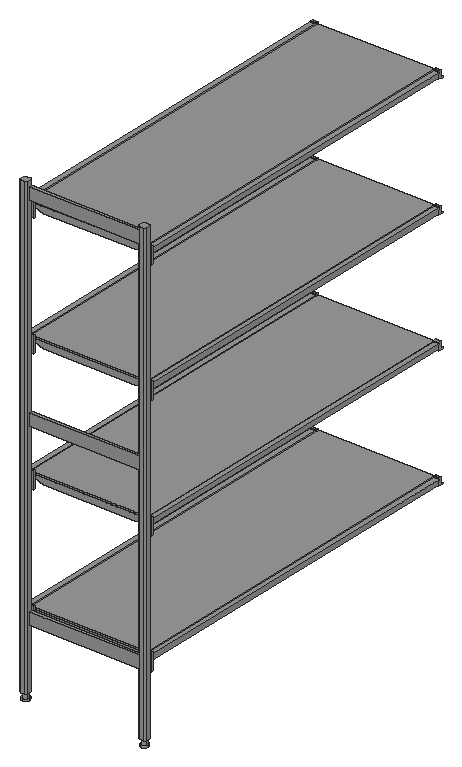
Revit family "QF_ZANUSSI_137077_CLS1362", category Attrezzature speciali, Revit 2020
Family settings
  Quota connettore circolare = Usa diametro
  Tipo di parte = Normale
  Basato su piano di lavoro = No
  Sempre verticale = Sì
  Taglio con vuoti quando caricato = No
  Condiviso = No
  Punto di calcolo locali = No
Parameters (values of type "Standard")
  Weight = 23.00 kg
  Watts = 0 W
  Volts = 0 V
  URL Manufacturer = "http://www.zanussiprofessional.com"
  URL = "http://www.zanussiprofessional.com"
  Steam Supply Size = 0 mm
  Steam Supply Minimum Pressure = 0.0 Pa
  Steam Supply Maximum Pressure = 0.0 Pa
  Steam Consumption per Hour = 0
  Refrigeration Suction Line Size = 0.0 mm
  Refrigeration Liquid Line Size = 0.0 mm
  Refrigerant Compressor Remote = yes
  Prospetto di default = 0.0 mm
  Phase = 0
  Modello = "CLS1362"
  Produttore = "Zanussi"
  Length Actual = 1366.0 mm  # constant formula
  Item Number = "137077"
  Hot Water Size = 0 mm
  Height Actual = 1700.0 mm  # constant formula
  HP = "0 HP"
  Gas Size = 0 mm
  Gas KW = 0
  Gas Input Pressure = 0 W
  Direct Waste Size = 0 mm
  Descrizione = "ALUM.CORNER SHELV.-POLY.TIERS-475X1366MM"
  Depth Actual = 475.0 mm  # constant formula
  Cycle = 0 Hz
  Condensate Return Size = 0 mm
  Compressed Air Volume = 0.0 L/s
  Compressed Air Size = 0 mm
  Compressed Air Pressure = 0.0 Pa
  Cold Water Size = 0 mm
  Accessory = yes
Reference planes
  plane 1: z = 0
  plane 2 "Center (F/B)": y = -163.5
  plane 3 "Front": y = -549.5
  plane 4 "Left": x = -217.5
  plane 5 "Right": x = 257.5
  plane 6 "TOP": z = 1700
  plane 7: y = -517.5
  plane 8: y = 812.5
  plane 9 "Center (Left/Right)": x = 20
  plane 10: y = 807.5
  plane 11: x = -186
  plane 12: x = 226
  plane 13 "FEET": z = 25
  plane 14: z = 275
  plane 15: z = 725
  plane 16: z = 1175
  plane 17: z = 1625
  plane 18 "CXLeft": y = -535.5
  plane 19: x = -200
  plane 20 "CYBack": x = -200
  plane 21 "CYFront": x = 138
  plane 22 "Back": y = 816.5
  plane 23 "LEFT_ORIGIN": x = -251.5
  plane 24 "BACK_Origin": y = 1291.5
Forms (mm)
  Extrusion 1, solid, material "QF_Aluminum"
    sketch origin (0, -549.5, 0) x (-1, 0, 0) y (0, 0, 1)
      loop
        line (198.5, 1650.994) -> (198.5, 1632.998) -> (217.5, 1632.998) -> (217.5, 1650.994) -> (198.5, 1650.994)
      loop
        line (-238.5, 1650.994) -> (-257.5, 1650.994) -> (-257.5, 1632.998) -> (-238.5, 1632.998) -> (-238.5, 1650.994)
      loop
        line (198.5, 1200.994) -> (198.5, 1182.998) -> (217.5, 1182.998) -> (217.5, 1200.994) -> (198.5, 1200.994)
      loop
        line (-238.522, 1200.994) -> (-257.5, 1200.994) -> (-257.5, 1182.998) -> (-238.522, 1182.998) -> (-238.522, 1200.994)
      loop
        line (198.5, 750.994) -> (198.5, 732.998) -> (217.5, 732.998) -> (217.5, 750.994) -> (198.5, 750.994)
      loop
        line (-238.522, 750.994) -> (-257.5, 750.994) -> (-257.5, 732.998) -> (-238.522, 732.998) -> (-238.522, 750.994)
      loop
        line (198.5, 300.994) -> (198.5, 282.998) -> (217.5, 282.998) -> (217.5, 300.994) -> (198.5, 300.994)
      loop
        line (-238.522, 300.994) -> (-257.5, 300.994) -> (-257.5, 282.998) -> (-238.522, 282.998) -> (-238.522, 300.994)
    from 32 to 1362
  Extrusion 2, solid, material "QF_Polyethylene"
    sketch origin (0, -549.5, 0) x (-1, 0, 0) y (0, 0, 1)
      loop
        line (196.507, 1650.994) -> (-236.522, 1650.994) -> (-236.522, 1644.496) -> (196.507, 1644.496) -> (196.507, 1650.994)
      loop
        line (196.507, 1200.994) -> (-236.522, 1200.994) -> (-236.522, 1194.496) -> (196.507, 1194.496) -> (196.507, 1200.994)
      loop
        line (196.507, 750.994) -> (-236.522, 750.994) -> (-236.522, 744.496) -> (196.507, 744.496) -> (196.507, 750.994)
      loop
        line (196.507, 300.994) -> (-236.522, 300.994) -> (-236.522, 294.496) -> (196.507, 294.496) -> (196.507, 300.994)
    from 32 to 1362
Lines and regions (mm)
  symbolic lines
    curve 1: line (-198.5, 812.5, 1700) -> (-198.5, -517.5, 1700)
    curve 2: line (-217.5, -521.5, 1700) -> (-217.5, 812.5, 1700)
    curve 3: line (257.5, -521.5, 1700) -> (257.5, 812.5, 1700)
    curve 4: line (-181.507, -517.5, 1700) -> (221.507, -517.5, 1700)
    curve 5: line (238.522, -517.5, 1700) -> (238.522, 812.5, 1700)
    curve 6: line (-198.5, 812.5, 1700) -> (238.522, 812.5, 1700)
Dimensions and locks
  plane 3 "Front" to plane 2 "Center (F/B)" = 386.0 mm
  locked: plane 6 "TOP" to level at 1700
  locked: plane 4 "Left" to plane 5 "Right" at 475
  locked: plane 7 to plane 8 at 1330
  locked: plane 3 "Front" to plane 7 at 32
  plane 10 to plane 8 = 5.0 mm
  locked: plane 11 to plane 12 at 412
  equal spacing: plane 11, plane 9 "Center (Left/Right)", plane 12
  equal spacing: plane 4 "Left", plane 9 "Center (Left/Right)", plane 5 "Right"
  plane 13 "FEET" to level = 25.0 mm
  plane 6 "TOP" to plane 13 "FEET" = 1675.0 mm
  plane 14 to plane 13 "FEET" = 250.0 mm
  plane 15 to plane 14 = 450.0 mm
  plane 16 to plane 15 = 450.0 mm
  plane 17 to plane 16 = 450.0 mm
  locked: plane 3 "Front" to plane 18 "CXLeft" at 14
  locked: plane 3 "Front" to plane 22 "Back" at 1366
  plane 23 "LEFT_ORIGIN" to plane 5 "Right" = 509.0 mm
  locked: plane 22 "Back" to plane 24 "BACK_Origin" at 475
  aligned and locked: level to plane 1
  aligned and locked: Extrusion 2 to plane 7
  aligned and locked: plane 8 to Extrusion 2
  aligned and locked: Extrusion 1 to plane 7
  aligned and locked: plane 8 to Extrusion 1
  aligned and locked: Extrusion 1 sketch curve to Extrusion 1 sketch curve  (x2)
  aligned and locked: plane 18 "CXLeft" to nested 1
  aligned and locked: nested 2 to plane 10
Automatic sketch dimensions
  curve 2 to plane 4 "Left" = 0.0 mm
  curve 3 to plane 5 "Right" = 0.0 mm
  plane 7 to curve 1 = 0.0 mm
  plane 7 to curve 4 = 0.0 mm
  plane 7 to curve 5 = 0.0 mm
  plane 8 to curve 2 = 0.0 mm
  plane 8 to curve 1 = 0.0 mm
  plane 8 to curve 3 = 0.0 mm
  curve 5 to plane 21 "CYFront" = 100.522 mm
  plane 19 to curve 6 = 1.5 mm
  plane 7 to curve 3 = 4.0 mm
  plane 7 to curve 2 = 4.0 mm
  plane 12 to curve 4 = 4.493 mm
  curve 4 to plane 11 = 4.493 mm
  plane 5 "Right" to Extrusion 1 sketch curve = 0.0 mm  (x4)
  plane 4 "Left" to Extrusion 1 sketch curve = 0.0 mm  (x4)
  Extrusion 1 sketch curve to plane 21 "CYFront" = 100.522 mm
  Extrusion 1 sketch curve to plane 21 "CYFront" = 100.5 mm
  plane 19 to Extrusion 1 sketch curve = 1.5 mm  (x4)
  plane 14 to Extrusion 1 sketch curve = 7.998 mm  (x2)
  Extrusion 1 sketch curve to Extrusion 1 sketch curve = 17.997 mm  (x8)
  plane 15 to Extrusion 1 sketch curve = 7.998 mm  (x2)
  plane 16 to Extrusion 1 sketch curve = 7.998 mm  (x2)
  plane 17 to Extrusion 1 sketch curve = 7.998 mm  (x2)
  Extrusion 2 sketch curve to plane 21 "CYFront" = 98.522 mm  (x4)
  plane 19 to Extrusion 2 sketch curve = 3.493 mm  (x4)
  plane 14 to Extrusion 2 sketch curve = 19.496 mm
  Extrusion 2 sketch curve to Extrusion 2 sketch curve = 6.499 mm  (x4)
  plane 15 to Extrusion 2 sketch curve = 19.496 mm
  plane 16 to Extrusion 2 sketch curve = 19.496 mm
  plane 17 to Extrusion 2 sketch curve = 19.496 mm
Nested families
  nested 1: "WT_Anta475" at (-194.5, -132.5, 0) x (0, 1, 0) z (0, 0, 1), type "WT_Anta475"
  nested 2: "WT_Aggancio475" at (-194.5, 1224.5, 0) x (0, 1, 0) z (0, 0, 1), type "WT_Aggancio475"
Definition of nested family "WT_Anta475"
  Parameters
    WidthLeft = A + 64.0 mm  # 772.0 mm
    Width = 1606.0 mm
    Right = WidthLeft / 2  # 386.0 mm
    Default Elevation = 0.0 mm
    Left = -WidthLeft / 2  # -386.0 mm
    Height = 1725.0 mm
    FEET = 25.0 mm
    E = 0.0 mm
    Dint = Depth - 63.0 mm  # 412.0 mm
    Dext = Depth - 8.0 mm  # 467.0 mm
    Depth = 475.0 mm
    DX = (WidthLeft - A) / 2  # 32.0 mm
    B = 798.0 mm
    A = 708.0 mm
  Reference planes
    plane 1: z = 0
    plane 2 "LEFT": x = -417
    plane 3 "BACK": y = 23
    plane 4 "FRONT": y = -452
    plane 5 "TOP": z = 1725
    plane 6 "Center (Front/Back)": y = -214.5
    plane 7: y = -8.5
    plane 8: y = -420.5
    plane 9 "FEET": z = 25
    plane 10: z = 275
    plane 11: z = 725
    plane 12: z = 1175
    plane 13: z = 1625
    plane 14 "CXLeft": x = -403
    plane 15: y = 5.5
    plane 16 "CYBack": y = 5.5
    plane 17 "CYFront": y = -434.5
    plane 18: x = -385.031
    plane 19: x = -380.031
  Forms (mm)
    Extrusion 1, solid
      sketch origin (0, 0, 0) x (1, 0, 0) y (0, 1, 0)
        loop
          line (-417, 13.246) -> (-417, -2.246) -> (-410.746, -8.5) -> (-395.254, -8.5) -> (-389, -2.246) -> (-389, 13.246) -> (-395.254, 19.5) -> (-410.746, 19.5) -> (-417, 13.246)
      from 1725 to 25
    Extrusion 2, solid
      sketch origin (-417, 0, 0) x (0, 1, 0) y (0, 0, 1)
        loop
          line (23, 246.005) -> (23, 307.993) -> (-12.993, 307.993) -> (-12.993, 246.005) -> (23, 246.005)
        loop
          line (-452, 246.005) -> (-416.007, 246.005) -> (-416.007, 307.993) -> (-452, 307.993) -> (-452, 246.005)
        loop
          line (23, 696.005) -> (23, 757.993) -> (-12.993, 757.993) -> (-12.993, 696.005) -> (23, 696.005)
        loop
          line (-452, 696.005) -> (-416.007, 696.005) -> (-416.007, 757.993) -> (-452, 757.993) -> (-452, 696.005)
        loop
          line (23, 1146.005) -> (23, 1207.993) -> (-12.993, 1207.993) -> (-12.993, 1146.005) -> (23, 1146.005)
        loop
          line (-452, 1146.005) -> (-416.007, 1146.005) -> (-416.007, 1207.993) -> (-452, 1207.993) -> (-452, 1146.005)
        loop
          line (23, 1596.005) -> (23, 1657.993) -> (-12.993, 1657.993) -> (-12.993, 1596.005) -> (23, 1596.005)
        loop
          line (-452, 1596.005) -> (-416.007, 1596.005) -> (-416.007, 1657.993) -> (-452, 1657.993) -> (-452, 1596.005)
      from 28 to 32
    Revolve 3, solid
      sketch origin (-403, 0, 0) x (0, 1, 0) y (0, 0, 1)
        loop
          line (5.5, 25) -> (5.5, 0) -> (19, 0) -> (19, 5) -> (14, 5) -> (14, 25) -> (5.5, 25)
        axis (5.5, 25) -> (5.5, 0)
      angle from 0 to 360
    Extrusion 4, solid
      sketch origin (-403, 0, 0) x (0, 1, 0) y (0, 0, 1)
        loop
          line (-8.5, 912.382) -> (-8.5, 957.374) -> (-420.5, 957.374) -> (-420.5, 912.382) -> (-8.5, 912.382)
        loop
          line (-8.5, 1662.244) -> (-8.5, 1707.236) -> (-420.5, 1707.236) -> (-420.5, 1662.244) -> (-8.5, 1662.244)
      from -5 to 5
    Revolve 5, solid
      sketch origin (-403, -627, 0) x (0, -1, 0) y (0, 0, 1)
        loop
          line (-192.5, 25) -> (-192.5, 0) -> (-179, 0) -> (-179, 5) -> (-184, 5) -> (-184, 25) -> (-192.5, 25)
        axis (-192.5, 25) -> (-192.5, 0)
      angle from 0 to 360
    Extrusion 6, solid
      sketch origin (0, -627, 0) x (1, 0, 0) y (0, 1, 0)
        loop
          line (-417, 184.754) -> (-410.746, 178.5) -> (-395.254, 178.5) -> (-389, 184.754) -> (-389, 200.246) -> (-395.254, 206.5) -> (-410.746, 206.5) -> (-417, 200.246) -> (-417, 184.754)
      from 1725 to 25
    Extrusion 7, solid
      sketch origin (-417.031, -0.022, 0) x (0, 1, 0) y (0, 0, -1)
        loop
          line (-12, -1632.998) -> (-46, -1620.994) -> (-383, -1620.994) -> (-417, -1632.998) -> (-433, -1632.998) -> (-433, -1650.994) -> (-431, -1650.994) -> (-431, -1644.496) -> (2.007, -1644.496) -> (2.007, -1650.994) -> (4, -1650.994) -> (4, -1632.998) -> (-12, -1632.998)
        loop
          line (-12, -1182.998) -> (-46, -1170.994) -> (-383, -1170.994) -> (-417, -1182.998) -> (-433, -1182.998) -> (-433, -1200.994) -> (-431, -1200.994) -> (-431, -1194.496) -> (2.007, -1194.496) -> (2.007, -1200.994) -> (4, -1200.994) -> (4, -1182.998) -> (-12, -1182.998)
        loop
          line (-12, -732.998) -> (-46, -720.994) -> (-383, -720.994) -> (-417, -732.998) -> (-433, -732.998) -> (-433, -750.994) -> (-431, -750.994) -> (-431, -744.496) -> (2.007, -744.496) -> (2.007, -750.994) -> (4, -750.994) -> (4, -732.998) -> (-12, -732.998)
        loop
          line (-12, -282.998) -> (-46, -270.994) -> (-383, -270.994) -> (-417, -282.998) -> (-433, -282.998) -> (-433, -300.994) -> (-431, -300.994) -> (-431, -294.496) -> (2.007, -294.496) -> (2.007, -300.994) -> (4, -300.994) -> (4, -282.998) -> (-12, -282.998)
      from -32 to -37
    Extrusion 8, solid
      sketch origin (-403, 0, -659.878) x (0, 1, 0) y (0, 0, 1)
        loop
          line (-8.5, 912.382) -> (-8.5, 957.374) -> (-420.5, 957.374) -> (-420.5, 912.382) -> (-8.5, 912.382)
        loop
          line (-8.5, 1572.382) -> (-8.5, 1617.374) -> (-420.5, 1617.374) -> (-420.5, 1572.382) -> (-8.5, 1572.382)
        loop
          line (-8.5, 2322.382) -> (-8.5, 2367.374) -> (-420.5, 2367.374) -> (-420.5, 2322.382) -> (-8.5, 2322.382)
      from -5 to 5
  Lines and regions (mm)
    symbolic lines
      curve 1: line (-408, -8.5, 1725) -> (-408, -420.5, 1725)
      curve 2: line (-398, -420.5, 1725) -> (-398, -8.5, 1725)
      curve 3: line (-395.254, -8.5, 1725) -> (-410.746, -8.5, 1725)
      curve 4: line (-417, -2.246, 1725) -> (-410.746, -8.5, 1725)
      curve 5: line (-417, 13.246, 1725) -> (-417, -2.246, 1725)
      curve 6: line (-410.746, 19.5, 1725) -> (-417, 13.246, 1725)
      curve 7: line (-395.254, 19.5, 1725) -> (-410.746, 19.5, 1725)
      curve 8: line (-389, 13.246, 1725) -> (-395.254, 19.5, 1725)
      curve 9: line (-395.254, -8.5, 1725) -> (-389, -2.246, 1725)
      curve 10: line (-395.254, -420.5, 1725) -> (-410.746, -420.5, 1725)
      curve 11: line (-417, -426.754, 1725) -> (-410.746, -420.5, 1725)
      curve 12: line (-410.746, -448.5, 1725) -> (-417, -442.246, 1725)
      curve 13: line (-395.254, -448.5, 1725) -> (-410.746, -448.5, 1725)
      curve 14: line (-389, -442.246, 1725) -> (-395.254, -448.5, 1725)
      curve 15: line (-395.254, -420.5, 1725) -> (-389, -426.754, 1725)
      curve 16: line (-389, -452, 1725) -> (-389, -416.007, 1725)
      curve 17: line (-389, -416.007, 1725) -> (-385, -416.007, 1725)
      curve 18: line (-389, 23, 1725) -> (-389, -12.993, 1725)
      curve 19: line (-389, -12.993, 1725) -> (-385, -12.993, 1725)
      curve 20: line (-417, -426.754, 1725) -> (-417, -442.246, 1725)
      curve 21: line (-385, -452, 1725) -> (-385, -416.007, 1725)
      curve 22: line (-385, -452, 1725) -> (-389, -452, 1725)
      curve 23: line (-385, 23, 1725) -> (-389, 23, 1725)
      curve 24: line (-385, -12.993, 1725) -> (-385, 23, 1725)
      curve 25: line (-385.031, -13.016, 1725) -> (-385.031, -416.029, 1725)
  Dimensions and locks
    "Height": plane 5 "TOP" to level
    "Depth": plane 3 "BACK" to plane 4 "FRONT"
    "Dint": plane 7 to plane 8
    equal spacing: plane 7, plane 6 "Center (Front/Back)", plane 8
    equal spacing: plane 3 "BACK", plane 6 "Center (Front/Back)", plane 4 "FRONT"
    plane 9 "FEET" to level = 25.0 mm
    plane 5 "TOP" to plane 9 "FEET" = 1700.0 mm
    plane 10 to plane 9 "FEET" = 250.0 mm
    plane 11 to plane 10 = 450.0 mm
    plane 12 to plane 11 = 450.0 mm
    plane 13 to plane 12 = 450.0 mm
    locked: plane 2 "LEFT" to plane 14 "CXLeft" at 14
    locked: plane 3 "BACK" to plane 16 "CYBack" at 17.5
    locked: plane 17 "CYFront" to plane 4 "FRONT" at 17.5
    locked: Revolve 3 sketch curve to Revolve 3 sketch curve at 8.5
    locked: Revolve 3 sketch curve to plane 16 "CYBack" at 13.5
    locked: Revolve 5 sketch curve to Revolve 5 sketch curve at 8.5
    aligned and locked: level to plane 1
    aligned and locked: curve 20 to Extrusion 6
    aligned and locked: plane 5 "TOP" to Extrusion 1
    aligned and locked: plane 5 "TOP" to Extrusion 6
    aligned and locked: Extrusion 7 sketch curve to Extrusion 7 sketch curve  (x3)
  Automatic sketch dimensions
    curve 16 to plane 4 "FRONT" = 0.0 mm
    curve 11 to plane 8 = 0.0 mm
    curve 9 to plane 7 = 0.0 mm
    curve 5 to plane 2 "LEFT" = 0.0 mm
    curve 23 to plane 3 "BACK" = 0.0 mm
    plane 4 "FRONT" to curve 13 = 3.5 mm
    curve 20 to plane 17 "CYFront" = 7.746 mm
    curve 20 to plane 8 = 6.254 mm
    plane 8 to curve 16 = 4.493 mm
    curve 24 to plane 18 = 0.031 mm
    curve 24 to plane 7 = 4.493 mm
    plane 7 to curve 5 = 6.254 mm
    curve 5 to plane 15 = 7.746 mm
    curve 6 to plane 3 "BACK" = 3.5 mm
    curve 21 to plane 18 = 0.031 mm
    plane 18 to curve 23 = 3.969 mm
    plane 18 to curve 16 = 3.969 mm
    curve 18 to curve 8 = 6.254 mm
    curve 18 to curve 3 = 6.254 mm
    curve 16 to curve 13 = 6.254 mm
    curve 16 to curve 15 = 6.254 mm
    plane 2 "LEFT" to curve 10 = 6.254 mm
    plane 2 "LEFT" to curve 7 = 6.254 mm
    plane 2 "LEFT" to curve 12 = 6.254 mm
    plane 2 "LEFT" to curve 3 = 6.254 mm
    curve 14 to plane 17 "CYFront" = 7.746 mm
    curve 15 to plane 8 = 6.254 mm
    plane 7 to curve 9 = 6.254 mm
    curve 8 to plane 15 = 7.746 mm
    curve 3 to curve 2 = 2.746 mm
    curve 1 to curve 10 = 2.746 mm
    Extrusion 1 sketch curve to plane 2 "LEFT" = 0.0 mm
    Extrusion 1 sketch curve to plane 7 = 0.0 mm
    plane 2 "LEFT" to Extrusion 1 sketch curve = 6.254 mm  (x2)
    plane 14 "CXLeft" to Extrusion 1 sketch curve = 7.746 mm  (x2)
    Extrusion 1 sketch curve to plane 3 "BACK" = 3.5 mm
    plane 18 to Extrusion 1 sketch curve = 3.969 mm
    plane 7 to Extrusion 1 sketch curve = 6.254 mm  (x2)
    Extrusion 1 sketch curve to plane 15 = 7.746 mm  (x2)
    Extrusion 2 sketch curve to plane 4 "FRONT" = 0.0 mm  (x4)
    Extrusion 2 sketch curve to plane 3 "BACK" = 0.0 mm  (x4)
    plane 8 to Extrusion 2 sketch curve = 4.493 mm  (x4)
    Extrusion 2 sketch curve to plane 7 = 4.493 mm  (x4)
    Extrusion 2 sketch curve to plane 10 = 28.995 mm  (x2)
    plane 10 to Extrusion 2 sketch curve = 32.993 mm  (x2)
    Extrusion 2 sketch curve to plane 11 = 28.995 mm  (x2)
    plane 11 to Extrusion 2 sketch curve = 32.993 mm  (x2)
    Extrusion 2 sketch curve to plane 12 = 28.995 mm  (x2)
    plane 12 to Extrusion 2 sketch curve = 32.993 mm  (x2)
    Extrusion 2 sketch curve to plane 13 = 28.995 mm  (x2)
    plane 13 to Extrusion 2 sketch curve = 32.993 mm  (x2)
    Revolve 3 sketch curve to plane 9 "FEET" = 0.0 mm  (x2)
    Revolve 3 sketch curve to plane 15 = 0.0 mm  (x2)
    Revolve 3 sketch curve to level = 0.0 mm
    level to Revolve 3 sketch curve = 5.0 mm
    Revolve 3 sketch curve to Revolve 3 sketch curve = 11.655 mm
    Extrusion 4 sketch curve to plane 8 = 0.0 mm  (x2)
    Extrusion 4 sketch curve to plane 7 = 0.0 mm  (x2)
    plane 11 to Extrusion 4 sketch curve = 187.382 mm
    Extrusion 4 sketch curve to Extrusion 4 sketch curve = 44.992 mm
    plane 13 to Extrusion 4 sketch curve = 37.244 mm
    Extrusion 4 sketch curve to plane 5 "TOP" = 17.764 mm
    Revolve 5 sketch curve to plane 9 "FEET" = 0.0 mm  (x2)
    Revolve 5 sketch curve to plane 17 "CYFront" = 0.0 mm  (x2)
    Revolve 5 sketch curve to level = 0.0 mm
    Revolve 5 sketch curve to plane 4 "FRONT" = 4.0 mm
    Revolve 5 sketch curve to Revolve 5 sketch curve = 5.0 mm
    level to Revolve 5 sketch curve = 11.655 mm
    Extrusion 6 sketch curve to plane 2 "LEFT" = 0.0 mm
    Extrusion 6 sketch curve to plane 8 = 0.0 mm
    Extrusion 6 sketch curve to plane 2 "LEFT" = 6.254 mm  (x2)
    Extrusion 6 sketch curve to plane 14 "CXLeft" = 7.746 mm  (x2)
    Extrusion 6 sketch curve to plane 4 "FRONT" = 3.5 mm
    Extrusion 6 sketch curve to plane 18 = 3.969 mm
    plane 8 to Extrusion 6 sketch curve = 6.254 mm  (x2)
    plane 17 "CYFront" to Extrusion 6 sketch curve = 7.746 mm  (x2)
    plane 17 "CYFront" to Extrusion 7 sketch curve = 1.478 mm  (x4)
    Extrusion 7 sketch curve to Extrusion 7 sketch curve = 2.0 mm
    plane 8 to Extrusion 7 sketch curve = 3.478 mm  (x4)
    Extrusion 7 sketch curve to plane 10 = 4.006 mm
    Extrusion 7 sketch curve to Extrusion 7 sketch curve = 34.0 mm  (x4)
    Extrusion 7 sketch curve to plane 11 = 4.006 mm
    Extrusion 7 sketch curve to plane 12 = 4.006 mm
    Extrusion 7 sketch curve to plane 13 = 4.006 mm
    Extrusion 7 sketch curve to plane 7 = 37.522 mm  (x4)
    Extrusion 7 sketch curve to plane 7 = 3.522 mm  (x4)
    plane 15 to Extrusion 7 sketch curve = 3.516 mm  (x4)
    plane 15 to Extrusion 7 sketch curve = 1.522 mm  (x4)
    plane 13 to Extrusion 7 sketch curve = 7.998 mm  (x2)
    Extrusion 7 sketch curve to Extrusion 7 sketch curve = 11.498 mm
    Extrusion 7 sketch curve to Extrusion 7 sketch curve = 6.499 mm  (x5)
    plane 12 to Extrusion 7 sketch curve = 25.994 mm  (x2)
    plane 12 to Extrusion 7 sketch curve = 7.998 mm  (x2)
    plane 11 to Extrusion 7 sketch curve = 25.994 mm  (x2)
    plane 11 to Extrusion 7 sketch curve = 7.998 mm  (x2)
    plane 10 to Extrusion 7 sketch curve = 25.994 mm  (x2)
    plane 10 to Extrusion 7 sketch curve = 7.998 mm  (x2)
    curve 25 to plane 18 = 0.0 mm
    plane 8 to curve 25 = 4.471 mm
    curve 25 to plane 7 = 4.516 mm
    Extrusion 8 sketch curve to plane 8 = 0.0 mm  (x3)
    Extrusion 8 sketch curve to plane 7 = 0.0 mm  (x3)
    Extrusion 8 sketch curve to plane 10 = 22.496 mm
    plane 10 to Extrusion 8 sketch curve = 22.496 mm
    plane 11 to Extrusion 8 sketch curve = 187.504 mm
    Extrusion 8 sketch curve to Extrusion 8 sketch curve = 44.992 mm
    plane 13 to Extrusion 8 sketch curve = 37.504 mm
    Extrusion 8 sketch curve to plane 5 "TOP" = 17.504 mm
Definition of nested family "WT_Aggancio475"
  Parameters
    WidthLeft = A + 64.0 mm  # 772.0 mm
    Width = 1606.0 mm
    Right = WidthLeft / 2  # 386.0 mm
    Default Elevation = 0.0 mm
    Left = -WidthLeft / 2  # -386.0 mm
    Height = 1725.0 mm
    FEET = 25.0 mm
    E = 0.0 mm
    Dint = Depth - 63.0 mm  # 412.0 mm
    Dext = Depth - 8.0 mm  # 467.0 mm
    Depth = 475.0 mm
    DX = (WidthLeft - A) / 2  # 32.0 mm
    B = 798.0 mm
    A = 708.0 mm
  Reference planes
    plane 1: z = 0
    plane 2 "LEFT": x = -417
    plane 3 "BACK": y = 23
    plane 4 "FRONT": y = -452
    plane 5 "TOP": z = 1725
    plane 6 "Center (Front/Back)": y = -214.5
    plane 7: y = -8.5
    plane 8: y = -420.5
    plane 9 "FEET": z = 25
    plane 10: z = 275
    plane 11: z = 725
    plane 12: z = 1175
    plane 13: z = 1625
    plane 14: y = 5.5
    plane 15 "CYBack": y = 5.5
    plane 16 "CYFront": y = -434.5
  Forms (mm)
    Extrusion 1, solid
      sketch origin (-380, -0.022, 0) x (0, 1, 0) y (0, 0, 1)
        loop
          line (-12, 1632.998) -> (4, 1632.998) -> (4, 1650.994) -> (2.007, 1650.994) -> (2.007, 1644.496) -> (-431, 1644.496) -> (-431, 1650.994) -> (-433, 1650.994) -> (-433, 1632.998) -> (-417, 1632.998) -> (-383, 1620.994) -> (-46, 1620.994) -> (-12, 1632.998)
        loop
          line (-12, 1182.998) -> (4, 1182.998) -> (4, 1200.994) -> (2.007, 1200.994) -> (2.007, 1194.496) -> (-431, 1194.496) -> (-431, 1200.994) -> (-433, 1200.994) -> (-433, 1182.998) -> (-417, 1182.998) -> (-383, 1170.994) -> (-46, 1170.994) -> (-12, 1182.998)
        loop
          line (-12, 732.998) -> (4, 732.998) -> (4, 750.994) -> (2.007, 750.994) -> (2.007, 744.496) -> (-431, 744.496) -> (-431, 750.994) -> (-433, 750.994) -> (-433, 732.998) -> (-417, 732.998) -> (-383, 720.994) -> (-46, 720.994) -> (-12, 732.998)
        loop
          line (-12, 282.998) -> (4, 282.998) -> (4, 300.994) -> (2.007, 300.994) -> (2.007, 294.496) -> (-431, 294.496) -> (-431, 300.994) -> (-433, 300.994) -> (-433, 282.998) -> (-417, 282.998) -> (-383, 270.994) -> (-46, 270.994) -> (-12, 282.998)
      from -32 to -37
    Extrusion 2, solid
      sketch origin (-793.062, -324.754, 6.5) x (1, 0, 0) y (0, 0, 1)
        loop
          line (385.062, 1644.496) -> (385.062, 1647.496) -> (376.062, 1647.496) -> (376.062, 1620.994) -> (390.031, 1620.994) -> (390.031, 1626.496) -> (381.062, 1626.496) -> (381.062, 1644.496) -> (385.062, 1644.496)
        loop
          line (385.062, 1194.496) -> (385.062, 1197.496) -> (376.062, 1197.496) -> (376.062, 1170.994) -> (390.031, 1170.994) -> (390.031, 1176.496) -> (381.062, 1176.496) -> (381.062, 1194.496) -> (385.062, 1194.496)
        loop
          line (385.062, 744.496) -> (385.062, 747.496) -> (376.062, 747.496) -> (376.062, 720.994) -> (390.031, 720.994) -> (390.031, 726.496) -> (381.062, 726.496) -> (381.062, 744.496) -> (385.062, 744.496)
        loop
          line (385.062, 294.496) -> (385.062, 297.496) -> (376.062, 297.496) -> (376.062, 270.994) -> (390.031, 270.994) -> (390.031, 276.496) -> (381.062, 276.496) -> (381.062, 294.496) -> (385.062, 294.496)
      from 108.268 to 127.246
    Extrusion 3, solid
      sketch origin (-793.062, 32.754, 6.5) x (1, 0, 0) y (0, 0, 1)
        loop
          line (385.062, 1644.496) -> (385.062, 1647.496) -> (376.062, 1647.496) -> (376.062, 1620.994) -> (390.031, 1620.994) -> (390.031, 1626.496) -> (381.062, 1626.496) -> (381.062, 1644.496) -> (385.062, 1644.496)
        loop
          line (385.062, 1194.496) -> (385.062, 1197.496) -> (376.062, 1197.496) -> (376.062, 1170.994) -> (390.031, 1170.994) -> (390.031, 1176.496) -> (381.062, 1176.496) -> (381.062, 1194.496) -> (385.062, 1194.496)
        loop
          line (385.062, 744.496) -> (385.062, 747.496) -> (376.062, 747.496) -> (376.062, 720.994) -> (390.031, 720.994) -> (390.031, 726.496) -> (381.062, 726.496) -> (381.062, 744.496) -> (385.062, 744.496)
        loop
          line (385.062, 294.496) -> (385.062, 297.496) -> (376.062, 297.496) -> (376.062, 270.994) -> (390.031, 270.994) -> (390.031, 276.496) -> (381.062, 276.496) -> (381.062, 294.496) -> (385.062, 294.496)
      from 9.754 to 28.776
  Lines and regions (mm)
    symbolic lines
      curve 1: line (-412, -452, 0) -> (-408, -452, 0)
      curve 2: line (-412, -433.022, 0) -> (-412, -452, 0)
      curve 3: line (-408, -433.022, 0) -> (-412, -433.022, 0)
      curve 4: line (-408, -452, 0) -> (-408, -433.022, 0)
      curve 5: line (-412, 3.978, 0) -> (-408, 3.978, 0)
      curve 6: line (-412, 23, 0) -> (-412, 3.978, 0)
      curve 7: line (-408, 23, 0) -> (-412, 23, 0)
      curve 8: line (-408, 3.978, 0) -> (-408, 23, 0)
  Dimensions and locks
    "Height": plane 5 "TOP" to level
    "Depth": plane 3 "BACK" to plane 4 "FRONT"
    "Dint": plane 7 to plane 8
    equal spacing: plane 7, plane 6 "Center (Front/Back)", plane 8
    equal spacing: plane 3 "BACK", plane 6 "Center (Front/Back)", plane 4 "FRONT"
    plane 9 "FEET" to level = 25.0 mm
    plane 5 "TOP" to plane 9 "FEET" = 1700.0 mm
    plane 10 to plane 9 "FEET" = 250.0 mm
    plane 11 to plane 10 = 450.0 mm
    plane 12 to plane 11 = 450.0 mm
    plane 13 to plane 12 = 450.0 mm
    locked: plane 3 "BACK" to plane 15 "CYBack" at 17.5
    locked: plane 16 "CYFront" to plane 4 "FRONT" at 17.5
    aligned and locked: level to plane 1
    aligned and locked: Extrusion 1 sketch curve to Extrusion 1 sketch curve  (x3)
  Automatic sketch dimensions
    plane 16 "CYFront" to Extrusion 1 sketch curve = 1.478 mm  (x4)
    Extrusion 1 sketch curve to Extrusion 1 sketch curve = 2.0 mm
    plane 8 to Extrusion 1 sketch curve = 3.478 mm  (x4)
    Extrusion 1 sketch curve to plane 10 = 4.006 mm
    Extrusion 1 sketch curve to Extrusion 1 sketch curve = 34.0 mm  (x4)
    Extrusion 1 sketch curve to plane 11 = 4.006 mm
    Extrusion 1 sketch curve to plane 12 = 4.006 mm
    Extrusion 1 sketch curve to plane 13 = 4.006 mm
    Extrusion 1 sketch curve to plane 7 = 37.522 mm  (x4)
    Extrusion 1 sketch curve to plane 7 = 3.522 mm  (x4)
    plane 14 to Extrusion 1 sketch curve = 3.516 mm  (x4)
    plane 14 to Extrusion 1 sketch curve = 1.522 mm  (x4)
    plane 10 to Extrusion 1 sketch curve = 7.998 mm  (x2)
    Extrusion 1 sketch curve to Extrusion 1 sketch curve = 11.498 mm  (x4)
    Extrusion 1 sketch curve to Extrusion 1 sketch curve = 6.499 mm  (x8)
    plane 11 to Extrusion 1 sketch curve = 7.998 mm  (x2)
    plane 12 to Extrusion 1 sketch curve = 7.998 mm  (x2)
    plane 13 to Extrusion 1 sketch curve = 7.998 mm  (x2)
    plane 2 "LEFT" to Extrusion 2 sketch curve = 0.0 mm  (x4)
    plane 13 to Extrusion 2 sketch curve = 7.996 mm
    plane 11 to Extrusion 2 sketch curve = 7.996 mm
    Extrusion 2 sketch curve to Extrusion 2 sketch curve = 5.0 mm  (x4)
    plane 11 to Extrusion 2 sketch curve = 2.494 mm
    plane 10 to Extrusion 2 sketch curve = 28.996 mm
    Extrusion 2 sketch curve to Extrusion 2 sketch curve = 3.0 mm  (x4)
    plane 10 to Extrusion 2 sketch curve = 7.996 mm
    plane 10 to Extrusion 2 sketch curve = 2.494 mm
    Extrusion 2 sketch curve to Extrusion 2 sketch curve = 18.0 mm  (x3)
    plane 12 to Extrusion 2 sketch curve = 2.494 mm
    plane 12 to Extrusion 2 sketch curve = 7.996 mm
    plane 13 to Extrusion 2 sketch curve = 2.494 mm
    plane 2 "LEFT" to Extrusion 3 sketch curve = 0.0 mm  (x4)
    plane 13 to Extrusion 3 sketch curve = 7.996 mm
    plane 11 to Extrusion 3 sketch curve = 7.996 mm
    Extrusion 3 sketch curve to Extrusion 3 sketch curve = 5.0 mm  (x4)
    plane 11 to Extrusion 3 sketch curve = 2.494 mm
    plane 10 to Extrusion 3 sketch curve = 28.996 mm
    Extrusion 3 sketch curve to Extrusion 3 sketch curve = 3.0 mm  (x4)
    plane 10 to Extrusion 3 sketch curve = 7.996 mm
    plane 10 to Extrusion 3 sketch curve = 2.494 mm
    Extrusion 3 sketch curve to Extrusion 3 sketch curve = 18.0 mm  (x3)
    plane 12 to Extrusion 3 sketch curve = 2.494 mm
    plane 12 to Extrusion 3 sketch curve = 7.996 mm
    plane 13 to Extrusion 3 sketch curve = 2.494 mm
    plane 2 "LEFT" to curve 1 = 5.0 mm
    plane 2 "LEFT" to curve 7 = 5.0 mm
    curve 1 to plane 16 "CYFront" = 17.5 mm
    curve 3 to plane 8 = 12.522 mm
    plane 7 to curve 5 = 12.478 mm
    curve 7 to plane 14 = 17.5 mm
    curve 5 to curve 5 = 4.0 mm
    curve 1 to curve 4 = 4.0 mm
    Extrusion 2 sketch curve to Extrusion 2 sketch curve = 4.0 mm  (x4)
    Extrusion 2 sketch curve to Extrusion 2 sketch curve = 8.969 mm  (x4)
    Extrusion 3 sketch curve to Extrusion 3 sketch curve = 4.0 mm  (x4)
    Extrusion 3 sketch curve to Extrusion 3 sketch curve = 8.969 mm  (x4)
